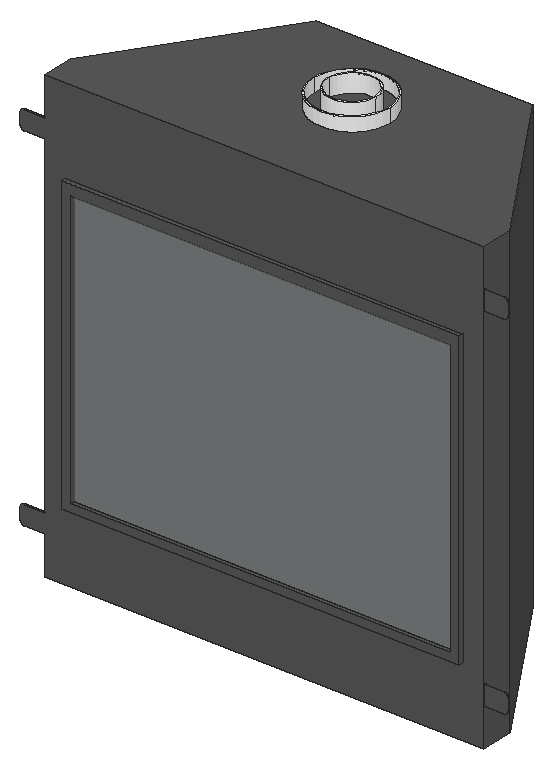
Revit family "DRSQ46", category Generic Models, Revit 2019
Family settings
  Can host rebar = No
  Round Connector Dimension = Use Diameter
  Part Type = Normal
  Work Plane-Based = No
  Always vertical = Yes
  Cut with Voids When Loaded = No
  Shared = No
  Room Calculation Point = No
Parameters
  Width = 12 5/16"
  URL = "https://www.montigo.com/"
  Model = ""
  Manufacturer Fax = ""
  Manufacturer Website = "https://www.montigo.com/"
  Manufacturer Phone - Toll Free = "800-378-3115"
  Manufacturer Phone = ""
  Manufacturer Address = "27342 Gloucester Way  Langley, BC, Canada   V4W 4A1"
  Manufacturer = "Montigo"
  Length = 53 7/16"
  Keynote = ""
  Glazing Tint = Glass - Montigo - Tint as Specified
  Frame Material = Metal - Montigo - Black
  Firebox Material = Metal - Montigo - White
  Fire Place Length = 50 5/16"
  Fire Place Height = 24 1/2"
  Fire Place - Opening = 16 9/16"
  Description = "Montigo Fireplace as Specified"
  Base Height = 6 9/16"
Reference planes (in)
  plane 1 "Center (Front/Back)": y = 0
  plane 2: z = 0
  plane 3 "Center (Left/Right)": x = 0
Forms (in)
  Extrusion 1, solid, material "Metal - Montigo - Black" <- "Frame Material"
    sketch origin (0, 0, 0) x (1, 0, 0) y (0, 1, 0)
      loop
        line (-11.36262, 21) -> (-23.00519, 3.41) -> (-23.00519, 0) -> (23.00519, 0) -> (23.00519, 3.41) -> (11.36263, 21) -> (-11.36262, 21)
    from 0 to 47.1875
  Extrusion 2, solid, material "Metal - Montigo - Black" <- "Frame Material"
    sketch origin (42.25, -6.4375, 0) x (-1, 0, 0) y (0, 0, -1)
      loop
        line (17.10529, -43.19024) -> (19.24481, -43.19024) -> (19.24481, -47.1875) -> (65.25519, -47.1875) -> (65.25519, -43.19019) -> (67.3947, -43.19019)
        arc (67.3947, -43.19019) -> (67.74814, -43.04451) -> (67.89442, -42.69133) r 0.49841
        line (67.89442, -42.69133) -> (67.89442, -41.64793)
        arc (67.89442, -41.64793) -> (67.74844, -41.2955) -> (67.39601, -41.14952) r 0.49841
        line (67.39601, -41.14952) -> (65.25519, -41.14952) -> (65.25519, -6.03798) -> (67.39601, -6.03798)
        arc (67.39601, -6.03798) -> (67.74844, -5.892) -> (67.89442, -5.53957) r 0.49841
        line (67.89442, -5.53957) -> (67.89442, -4.49573)
        arc (67.89442, -4.49573) -> (67.74844, -4.1433) -> (67.39601, -3.99731) r 0.49841
        line (67.39601, -3.99731) -> (65.25519, -3.99731) -> (65.25519, 0) -> (19.24481, 0) -> (19.24481, -3.99731) -> (17.10399, -3.99731)
        arc (17.10399, -3.99731) -> (16.75156, -4.1433) -> (16.60558, -4.49573) r 0.49841
        line (16.60558, -4.49573) -> (16.60558, -5.53957)
        arc (16.60558, -5.53957) -> (16.75156, -5.892) -> (17.10399, -6.03798) r 0.49841
        line (17.10399, -6.03798) -> (19.24481, -6.03798) -> (19.24481, -41.14948) -> (17.10399, -41.14948)
        arc (17.10399, -41.14948) -> (16.75156, -41.29546) -> (16.60558, -41.64789) r 0.49841
        line (16.60558, -41.64789) -> (16.60558, -42.69183)
        arc (16.60558, -42.69183) -> (16.75202, -43.04472) -> (17.10529, -43.19024) r 0.49841
      loop
        line (63.09585, -38.21831) -> (63.09585, -7.28107) -> (21.40615, -7.28107) -> (21.40615, -38.21831) -> (63.09585, -38.21831)
    from -6.4375 to -6.5
  Extrusion 3, solid, material "Metal - Montigo - Black" <- "Frame Material"
    sketch origin (42.25, -6.4375, 0) x (-1, 0, 0) y (0, 0, -1)
      loop
        line (22.28944, -37.14245) -> (62.21256, -37.14245) -> (62.21256, -8.13292) -> (22.28944, -8.13292) -> (22.28944, -37.14245)
      loop
        line (63.09585, -7.30665) -> (21.40615, -7.30665) -> (21.40615, -38.21831) -> (63.09585, -38.21831) -> (63.09585, -7.30665)
    from -6.4375 to -5.9375
  Extrusion 4, solid, material "Glass - Montigo - Tint as Specified" <- "Glazing Tint"
    sketch origin (42.25, -6.4375, 0) x (-1, 0, 0) y (0, 0, -1)
      loop
        line (22.28944, -37.14245) -> (62.21256, -37.14245) -> (62.21256, -8.13292) -> (22.28944, -8.13292) -> (22.28944, -37.14245)
    from -6.4375 to -6.375
  Extrusion 5, solid, material "Metal - Montigo - White" <- "Firebox Material"
    sketch origin (0, 0.65539, 4) x (1, 0, 0) y (0, 1, 0)
      loop
        circle (0, 10.81061) r 2.44
      loop
        circle (0, 10.81061) r 2.565
    from 43.1875 to 45.0625
  Extrusion 6, solid, material "Metal - Montigo - White" <- "Firebox Material"
    sketch origin (0, 0.65539, 4) x (1, 0, 0) y (0, 1, 0)
      loop
        circle (0, 10.81061) r 3.9375
      loop
        circle (0, 10.81061) r 4.0625
    from 43.1875 to 44.5625
Cuts and joins
  joined: Extrusion 1, Extrusion 2
Lines and regions (in)
  symbolic lines
    curve 1: line (19.96056, -6.4375, 37.14245) -> (-19.96256, -6.4375, 37.14245)
    curve 2: line (19.96056, -6.4375, 8.13292) -> (19.96056, -6.4375, 37.14245)
    curve 3: line (-19.96256, -6.4375, 8.13292) -> (19.96056, -6.4375, 8.13292)
    curve 4: line (-19.96256, -6.4375, 37.14245) -> (-19.96256, -6.4375, 8.13292)
    curve 5: line (20.84385, -6.4375, 7.30665) -> (-20.84585, -6.4375, 7.30665)
    curve 6: line (-20.84585, -6.4375, 7.30665) -> (-20.84585, -6.4375, 38.21831)
    curve 7: line (20.84385, -6.4375, 38.21831) -> (20.84385, -6.4375, 7.30665)
    curve 8: line (20.84385, -6.4375, 38.21831) -> (-20.84585, -6.4375, 38.21831)
    curve 9: line (19.96056, -6.4375, 37.14245) -> (-19.96256, -6.4375, 37.14245)
    curve 10: line (-19.96256, -6.4375, 37.14245) -> (-19.96256, -6.4375, 8.13292)
    curve 11: line (-20.84585, -6.4375, 7.30665) -> (-20.84585, -6.4375, 38.21831)
    curve 12: arc (-25.64442, -6.4375, 4.49716) -> (-25.49782, -6.4375, 4.1437) -> (-25.14426, -6.4375, 3.99731) r 0.50016
    curve 13: line (-25.64442, -6.4375, 5.53814) -> (-25.64442, -6.4375, 4.49716)
    curve 14: arc (-25.14504, -6.4375, 6.03798) -> (-25.49809, -6.4375, 5.89133) -> (-25.64442, -6.4375, 5.53814) r 0.50016
    curve 15: line (-23.01056, -6.4375, 6.03798) -> (-25.14504, -6.4375, 6.03798)
    curve 16: line (-25.14426, -6.4375, 3.99731) -> (-23.01056, -6.4375, 3.99731)
    curve 17: line (-25.14426, -6.4375, 41.14952) -> (-23.01056, -6.4375, 41.14952)
    curve 18: arc (-25.64442, -6.4375, 41.64936) -> (-25.49782, -6.4375, 41.2959) -> (-25.14426, -6.4375, 41.14952) r 0.50016
    curve 19: line (-25.64442, -6.4375, 42.69034) -> (-25.64442, -6.4375, 41.64936)
    curve 20: arc (-25.14548, -6.4375, 43.19019) -> (-25.49825, -6.4375, 43.04337) -> (-25.64442, -6.4375, 42.69034) r 0.50016
    curve 21: line (-23.01056, -6.4375, 43.19019) -> (-25.14548, -6.4375, 43.19019)
    curve 22: line (25.14307, -6.4375, 43.19019) -> (23.01056, -6.4375, 43.19032)
    curve 23: arc (25.64442, -6.4375, 42.69002) -> (25.49751, -6.4375, 43.04411) -> (25.14307, -6.4375, 43.19019) r 0.50016
    curve 24: line (25.64442, -6.4375, 41.64968) -> (25.64442, -6.4375, 42.69002)
    curve 25: arc (25.14426, -6.4375, 41.14952) -> (25.49793, -6.4375, 41.29601) -> (25.64442, -6.4375, 41.64968) r 0.50016
    curve 26: line (25.14426, -6.4375, 41.14952) -> (23.01056, -6.4375, 41.14952)
    curve 27: line (22.94354, -6.4375, 6.03798) -> (23.01056, -6.4375, 6.03798)
    curve 28: arc (25.64442, -6.4375, 5.53782) -> (25.49793, -6.4375, 5.89149) -> (25.14426, -6.4375, 6.03798) r 0.50016
    curve 29: line (25.64442, -6.4375, 4.49748) -> (25.64442, -6.4375, 5.53782)
    curve 30: arc (25.14426, -6.4375, 3.99731) -> (25.49793, -6.4375, 4.14381) -> (25.64442, -6.4375, 4.49748) r 0.50016
    curve 31: line (23.01056, -6.4375, 3.99731) -> (25.14426, -6.4375, 3.99731)
    curve 32: line (-23.01056, -6.4375, 0) -> (-23.01056, -6.4375, 3.99731)
    curve 33: line (23.01056, -6.4375, 0) -> (-23.01056, -6.4375, 0)
    curve 34: line (23.01056, -6.4375, 47.1875) -> (-23.01056, -6.4375, 47.1875)
    curve 35: line (23.01056, -6.4375, 47.1875) -> (23.01056, -6.4375, 43.19032)
    curve 36: line (-23.01056, -6.4375, 43.19019) -> (-23.01056, -6.4375, 47.1875)
    curve 37: line (-23.01056, -6.4375, 6.03798) -> (-23.01056, -6.4375, 41.14952)
    curve 38: line (23.01056, -6.4375, 3.99731) -> (23.01056, -6.4375, 0)
    curve 39: line (23.01056, -6.4375, 41.14952) -> (23.01056, -6.4375, 6.03798)
    curve 40: line (23.01056, -6.4375, 6.03798) -> (25.14426, -6.4375, 6.03798)
Dimensions and locks (in)
  nested 2 to level = 38.45318"
  cut or joined group of Extrusion 1, Extrusion 2 to level = 47 3/16"
  curve 34 to curve 33 = 47 3/16"
  curve 9 to curve 3 = 29.00953"
  curve 2 to curve 10 = 39.92312"
  diameter of Extrusion 5 sketch curve = 4.88"
  diameter of Extrusion 6 sketch curve = 7 7/8"
  aligned and locked: level to plane 2
Nested families (in)
  nested 1: "Duct Dia" at (0, 21, 38.45318) x (-1, 0, 0) z (0, 1, 0), type "5""
    with Intake Duct Dia 5", Intake Diameter 4 7/8", Height 2"
  nested 2: "Duct Dia" at (0, 21, 38.45318) x (-1, 0, 0) z (0, 1, 0), type "8""
    with Intake Duct Dia 8", Intake Diameter 7 7/8", Height 1 1/2"
Connectors (in)
  hvac at (0, 23, 38.45318)
    settings: on nested 1, index 4, duct flow 0.0 L/s, flow factor 0, pres drop 0.0 Pa, loss coef 0, conn angle 0.00°, conn width 304.8 mm, conn height 304.8 mm, conn diameter 127 mm, duct sys type 3, conn prof type 0, flow config 0, flow direction 0, loss method 0, conn ref index -1, conn util no, is conn primary yes, conn desc ""
  hvac at (0, 22.5, 38.45318)
    settings: on nested 2, index 5, duct flow 0.0 L/s, flow factor 0, pres drop 0.0 Pa, loss coef 0, conn angle 0.00°, conn width 304.8 mm, conn height 304.8 mm, conn diameter 203.2 mm, duct sys type 3, conn prof type 0, flow config 0, flow direction 0, loss method 0, conn ref index -1, conn util no, is conn primary no, conn desc ""
Definition of nested family "Duct Dia"
  Parameters (values of type "15 7/8" Dia.")
    Intake Duct Dia = 15 7/8"
    Intake Diameter = Intake Duct Dia - 1/8"  # 15 3/4"
    Height = 4"
    Firebox Material = none
    Default Elevation = 48"
  Types (12): name | Intake Duct Dia | Intake Diameter | Height
    9 7/8" Dia. | 9 7/8" | 9 3/4" | 4"
    7 7/8" Dia | 7 7/8" | 7 3/4" | 4"
    8 1/8" Dia | 8 1/8" | 8" | 1/4"
    11 3/4" Dia | 11 3/4" | 11 5/8" | 4"
    4" Dia | 10" | 9 7/8" | 4"
    7 3/4" Dia | 7 3/4" | 7 5/8" | 4"
    6 7/8" Dia | 6 7/8" | 6 3/4" | 1/4"
    9 3/4" Dia. | 9 3/4" | 9 5/8" | 4"
    7 1/8" Dia | 7 1/8" | 7" | 1/4"
    11 7/8" Dia. | 11 7/8" | 11 3/4" | 4"
    13 7/8" Dia. | 13 7/8" | 13 3/4" | 4"
    15 7/8" Dia. | 15 7/8" | 15 3/4" | 4"
  Reference planes (in)
    plane 1 "Center (Front/Back)": y = 0
    plane 2: z = 0
    plane 3 "Center (Left/Right)": x = 0
    plane 4: z = 4
  Forms (in)
    Extrusion 1, solid
      sketch origin (0, 0, 0) x (1, 0, 0) y (0, 1, 0)
        loop
          line (-48, 48) -> (-48, -48) -> (48, -48) -> (48, 48) -> (-48, 48)
      from 0 to -12
    Extrusion 2, solid, material <- "Firebox Material"
      sketch origin (0, 0, 0) x (1, 0, 0) y (0, 1, 0)
        loop
          circle (0, 0) r 7.9375
        loop
          circle (0, 0) r 7.875
      from 0 to 4
  Dimensions and locks (in)
    "Height": plane 4 to level
    "Intake Duct Dia": diameter of Extrusion 2 sketch curve
    "Intake Diameter": diameter of Extrusion 2 sketch curve
    aligned and locked: plane 2 to Extrusion 1
    aligned and locked: level to Extrusion 1
    aligned and locked: plane 4 to Extrusion 2
  Automatic sketch dimensions
    Extrusion 1 sketch curve to Extrusion 1 sketch curve = 96"  (x2)
    Extrusion 2 sketch curve to Extrusion 2 sketch curve = 0"  (x2)
    plane 1 "Center (Front/Back)" to Extrusion 2 sketch curve = 0"
    Extrusion 2 sketch curve to plane 3 "Center (Left/Right)" = 0"
